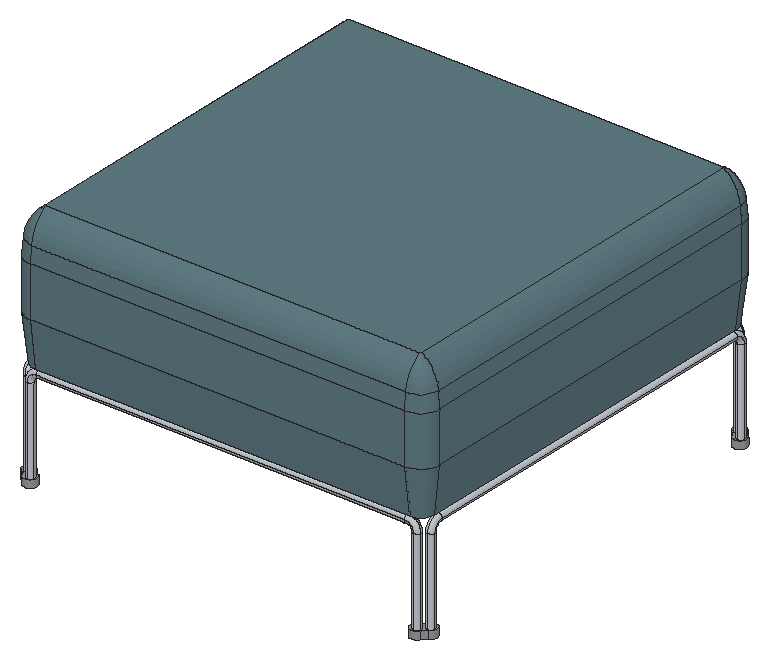
Revit family "FU_Modular_Sandler_Ari 1313", category Furniture, Revit 2020
Family settings
  OmniClass Number = 23.40.20.00
  OmniClass Title = General Furniture and Specialties
  Work Plane-Based = No
  Always vertical = Yes
  Cut with Voids When Loaded = No
  Shared = No
  Room Calculation Point = No
Parameters (values of type "Ari 1313")
  Width = 710 mm
  URL = "https://www.sandlerseating.com/product/ari-1313/"
  Seat [instance] = Fabric - Mainline Flax - Pimlico MLF34
  Model = "Ari 1313"
  Manufacturer = "Sandler"
  Height = 780 mm
  Frame [instance] = Metal - Paint -AL VR - White Aluminium
  Description = "Upholstered indoor element that can be used as a backless sofa seat or a freestanding square ottoman. Part of the Ari indoor modular seating range."
  Depth = 710 mm
  Default Elevation = 0 mm
Reference planes
  plane 1 "Center (Front/Back)": y = 0
  plane 2: z = 0
  plane 3 "Center (Left/Right)": x = 0
  plane 4 "Right": x = -355
  plane 5 "Left": x = 355
  plane 6 "Back": y = 355
  plane 7 "Front": y = -355
  plane 8 "Height": z = 780
  plane 9 "Seat height": z = 420
  plane 10 "Frame Right C TOP": x = -343
  plane 11 "Frame Front C TOP": y = -343
  plane 12 "Frame Left C TOP": x = 343
  plane 13 "Feet Right": z = 12
  plane 14 "Seat base RIGHT": z = 180
  plane 15 "Frame Back AC RIGHT": through (4267.2, 269.976, 182.022) normal (0, -0.9734, 0.2293)
  plane 16 "Frame Back C TOP": y = 343
Forms (mm)
  Sweep 1, solid, material "Metal - Paint -AL VR - White Aluminium" <- "Frame"
    path origin (-343, 0, 0) x (0, 1, 0) y (0, 0, 1)
      loop
        line (-330.138, 12) -> (-330.138, 158.009)
        arc (-330.138, 158.009) -> (-325.598, 168.969) -> (-314.638, 173.509) r 15.5
        line (-314.638, 173.509) -> (314.638, 173.509)
        arc (314.638, 173.509) -> (325.598, 168.969) -> (330.138, 158.009) r 15.5
        line (330.138, 158.009) -> (330.138, 12)
    profile "Pro_Circles : 13mm" origin (-343, -330.138, 85.004) x (0, -1, 0) y (1, 0, 0)
      loop
        arc (6.467, 0.067) -> (4.592, 4.592) -> (0.067, 6.467) r 6.4
        arc (0.067, 6.467) -> (-4.545, 4.64) -> (-6.467, 0.067) r 6.401
        arc (-6.467, 0.067) -> (-4.593, -4.594) -> (0.067, -6.467) r 6.402
        arc (0.067, -6.467) -> (4.64, -4.545) -> (6.467, 0.067) r 6.401
  Sweep 2, solid, material "Metal - Paint -AL VR - White Aluminium" <- "Frame"
    path origin (0, -343, 0) x (1, 0, 0) y (0, 0, 1)
      loop
        line (-329.339, 12) -> (-329.339, 158.849)
        arc (-329.339, 158.849) -> (-324.799, 169.809) -> (-313.839, 174.349) r 15.5
        line (-313.839, 174.349) -> (314.278, 174.349)
        arc (314.278, 174.349) -> (325.238, 169.809) -> (329.778, 158.849) r 15.5
        line (329.778, 158.849) -> (329.778, 12)
    profile "Pro_Circles : 13mm" origin (-329.339, -343, 85.425) x (-1, 0, 0) y (0, -1, 0)
      loop
        arc (-6.467, 0.067) -> (-4.64, -4.545) -> (-0.067, -6.467) r 6.401
        arc (-0.067, -6.467) -> (4.593, -4.594) -> (6.467, 0.067) r 6.402
        arc (6.467, 0.067) -> (4.545, 4.64) -> (-0.067, 6.467) r 6.401
        arc (-0.067, 6.467) -> (-4.592, 4.592) -> (-6.467, 0.067) r 6.4
  Extrusion 3, solid, material "Rubber, Black"
    sketch origin (0, 0, 0) x (1, 0, 0) y (0, 1, 0)
      loop
        arc (-333.052, -325.488) -> (-350.954, -322.632) -> (-347.011, -340.326) r 10.957
        arc (-347.011, -340.326) -> (-342.509, -342.765) -> (-339.599, -346.977) r 11
        arc (-339.599, -346.977) -> (-321.636, -350.853) -> (-325.167, -332.822) r 11
        arc (-325.167, -332.822) -> (-330.068, -330.186) -> (-333.052, -325.488) r 11
    from 0 to 12
  Extrusion 4, solid, material "Rubber, Black"
    sketch origin (0, 0, 0) x (-1, 0, 0) y (0, -1, 0)
      loop
        arc (-333.052, 325.488) -> (-330.068, 330.186) -> (-325.167, 332.822) r 11
        arc (-325.167, 332.822) -> (-321.636, 350.853) -> (-339.599, 346.977) r 11
        arc (-339.599, 346.977) -> (-342.509, 342.765) -> (-347.011, 340.326) r 11
        arc (-347.011, 340.326) -> (-350.954, 322.632) -> (-333.052, 325.488) r 10.957
    from 0 to 12
  Extrusion 5, solid, material "Rubber, Black"
    sketch origin (35.925, 49.845, 0) x (0.993563, 0.113279, 0) y (-0.113279, 0.993563, 0)
      loop
        arc (-334.234, 316.232) -> (-331.25, 320.93) -> (-326.349, 323.567) r 11
        arc (-326.349, 323.567) -> (-322.818, 341.597) -> (-340.781, 337.721) r 11
        arc (-340.781, 337.721) -> (-343.691, 333.509) -> (-348.193, 331.071) r 11
        arc (-348.193, 331.071) -> (-352.136, 313.377) -> (-334.234, 316.232) r 10.957
    from 0 to 12
  Extrusion 6, solid, material "Fabric - Mainline Flax - Pimlico MLF34" <- "Seat"
    sketch origin (0, 0, 180) x (1, 0, 0) y (0, 1, 0)
      loop
        arc (-352.101, -321.5) -> (-342.289, -345.188) -> (-318.601, -355) r 33.5
        line (-318.601, -355) -> (318.566, -355)
        arc (318.566, -355) -> (342.254, -345.188) -> (352.066, -321.5) r 33.5
        line (352.066, -321.5) -> (352.066, 321.5)
        arc (352.066, 321.5) -> (342.254, 345.188) -> (318.566, 355) r 33.5
        line (318.566, 355) -> (-318.601, 355)
        arc (-318.601, 355) -> (-342.289, 345.188) -> (-352.101, 321.5) r 33.5
        line (-352.101, 321.5) -> (-352.101, -321.5)
    from 0 to 240
  Sweep 7, solid, material "Metal - Paint -AL VR - White Aluminium" <- "Frame"
    path origin (343, 0, 0) x (0, 1, 0) y (0, 0, -1)
      loop
        line (-330.138, -12) -> (-330.138, -157.942)
        arc (-330.138, -157.942) -> (-325.598, -168.903) -> (-314.638, -173.442) r 15.5
        line (-314.638, -173.442) -> (314.638, -173.442)
        arc (314.638, -173.442) -> (325.598, -168.903) -> (330.138, -157.942) r 15.5
        line (330.138, -157.942) -> (330.138, -12)
    profile "Pro_Circles : 13mm" origin (343, -330.138, 84.971) x (0, 1, 0) y (-1, 0, 0)
      loop
        arc (-6.467, 0.067) -> (-4.64, -4.545) -> (-0.067, -6.467) r 6.401
        arc (-0.067, -6.467) -> (4.593, -4.594) -> (6.467, 0.067) r 6.402
        arc (6.467, 0.067) -> (4.545, 4.64) -> (-0.067, 6.467) r 6.401
        arc (-0.067, 6.467) -> (-4.592, 4.592) -> (-6.467, 0.067) r 6.4
  Sweep 8, solid, material "Metal - Paint -AL VR - White Aluminium" <- "Frame"
    path origin (0, 343, 0) x (1, 0, 0) y (0, 0, -1)
      loop
        line (-329.339, -12) -> (-329.339, -158.783)
        arc (-329.339, -158.783) -> (-324.799, -169.743) -> (-313.839, -174.283) r 15.5
        line (-313.839, -174.283) -> (314.278, -174.283)
        arc (314.278, -174.283) -> (325.238, -169.743) -> (329.778, -158.783) r 15.5
        line (329.778, -158.783) -> (329.778, -12)
    profile "Pro_Circles : 13mm" origin (-329.339, 343, 85.391) x (1, 0, 0) y (0, 1, 0)
      loop
        arc (6.467, 0.067) -> (4.592, 4.592) -> (0.067, 6.467) r 6.4
        arc (0.067, 6.467) -> (-4.545, 4.64) -> (-6.467, 0.067) r 6.401
        arc (-6.467, 0.067) -> (-4.593, -4.594) -> (0.067, -6.467) r 6.402
        arc (0.067, -6.467) -> (4.64, -4.545) -> (6.467, 0.067) r 6.401
  Extrusion 9, solid, material "Rubber, Black"
    sketch origin (-35.925, 49.845, 0) x (-0.993563, 0.113279, 0) y (-0.113279, -0.993563, 0)
      loop
        arc (-334.234, -316.232) -> (-352.136, -313.377) -> (-348.193, -331.071) r 10.957
        arc (-348.193, -331.071) -> (-343.691, -333.509) -> (-340.781, -337.721) r 11
        arc (-340.781, -337.721) -> (-322.818, -341.597) -> (-326.349, -323.567) r 11
        arc (-326.349, -323.567) -> (-331.25, -320.93) -> (-334.234, -316.232) r 11
    from 0 to 12
  Sweep 10, void
    path in 3D
      loop
        arc (318.566, -355, 420) -> (342.254, -345.188, 420) -> (352.066, -321.5, 420) r 33.5
        line (352.066, -321.5, 420) -> (352.066, 321.5, 420)
        arc (352.066, 321.5, 420) -> (342.254, 345.188, 420) -> (318.566, 355, 420) r 33.5
        line (318.566, 355, 420) -> (-318.601, 355, 420)
        arc (-318.601, 355, 420) -> (-342.289, 345.188, 420) -> (-352.101, 321.5, 420) r 33.5
        line (-352.101, 321.5, 420) -> (-352.101, -321.5, 420)
        arc (-352.101, -321.5, 420) -> (-342.289, -345.188, 420) -> (-318.601, -355, 420) r 33.5
        line (-318.601, -355, 420) -> (318.566, -355, 420)
    profile origin (-0.017, -355, 420) x (0, 1, 0) y (0, 0, 1)
      loop
        arc (2.282, -47.718) -> (11.653, -20.3) -> (32.051, 0.278) r 64.696
        line (32.051, 0.278) -> (32.051, 22.692) -> (-19.62, 22.692) -> (-19.62, -262.427) -> (14.295, -262.427)
        arc (14.295, -262.427) -> (-0.284, -155.552) -> (2.282, -47.718) r 677.536
Cuts and joins
  Sweep 10 cuts Extrusion 6
Lines and regions (mm)
  sketch lines
    curve 1: line (-318.601, -355, 420) -> (318.566, -355, 420)
    curve 2: arc (352.066, -321.5, 420) -> (342.254, -345.188, 420) -> (318.566, -355, 420) r 33.5
    curve 3: line (352.066, -321.5, 420) -> (352.066, 321.5, 420)
    curve 4: arc (318.566, 355, 420) -> (342.254, 345.188, 420) -> (352.066, 321.5, 420) r 33.5
    curve 5: line (318.566, 355, 420) -> (-318.601, 355, 420)
    curve 6: arc (-352.101, 321.5, 420) -> (-342.289, 345.188, 420) -> (-318.601, 355, 420) r 33.5
    curve 7: line (-352.101, 321.5, 420) -> (-352.101, -321.5, 420)
    curve 8: arc (-318.601, -355, 420) -> (-342.289, -345.188, 420) -> (-352.101, -321.5, 420) r 33.5
Dimensions and locks
  equal spacing: plane 4 "Right", plane 3 "Center (Left/Right)", plane 5 "Left"
  "Width": plane 4 "Right" to plane 5 "Left"
  equal spacing: plane 6 "Back", plane 1 "Center (Front/Back)", plane 7 "Front"
  "Depth": plane 6 "Back" to plane 7 "Front"
  "Height": plane 8 "Height" to level
  plane 9 "Seat height" to level = 420 mm
  aligned and locked: level to plane 2
Automatic sketch dimensions
  plane 11 "Frame Front C TOP" to Extrusion 3 sketch curve = 0 mm
  Extrusion 3 sketch curve to plane 4 "Right" = 5.144 mm
  plane 10 "Frame Right C TOP" to Extrusion 3 sketch curve = 0.027 mm
  plane 10 "Frame Right C TOP" to Extrusion 3 sketch curve = 13.661 mm
  plane 10 "Frame Right C TOP" to Extrusion 3 sketch curve = 20.423 mm
  plane 7 "Front" to Extrusion 3 sketch curve = 4.048 mm
  Extrusion 3 sketch curve to plane 11 "Frame Front C TOP" = 12.86 mm
  Extrusion 3 sketch curve to plane 11 "Frame Front C TOP" = 20.869 mm
  Extrusion 3 sketch curve to plane 10 "Frame Right C TOP" = 4.011 mm
  plane 10 "Frame Right C TOP" to Extrusion 3 sketch curve = 3.401 mm
  Extrusion 3 sketch curve to Extrusion 3 sketch curve = 0.004 mm
  plane 10 "Frame Right C TOP" to Extrusion 3 sketch curve = 9.948 mm
  Extrusion 3 sketch curve to Extrusion 3 sketch curve = 7.885 mm
  plane 11 "Frame Front C TOP" to Extrusion 3 sketch curve = 3.975 mm
  plane 11 "Frame Front C TOP" to Extrusion 4 sketch curve = 0 mm
  Extrusion 4 sketch curve to plane 5 "Left" = 5.144 mm
  Extrusion 4 sketch curve to plane 12 "Frame Left C TOP" = 0.027 mm
  Extrusion 4 sketch curve to plane 12 "Frame Left C TOP" = 13.661 mm
  Extrusion 4 sketch curve to plane 12 "Frame Left C TOP" = 20.423 mm
  Extrusion 4 sketch curve to plane 7 "Front" = 4.048 mm
  plane 11 "Frame Front C TOP" to Extrusion 4 sketch curve = 12.86 mm
  plane 11 "Frame Front C TOP" to Extrusion 4 sketch curve = 20.869 mm
  plane 12 "Frame Left C TOP" to Extrusion 4 sketch curve = 4.011 mm
  Extrusion 4 sketch curve to plane 12 "Frame Left C TOP" = 3.401 mm
  Extrusion 4 sketch curve to Extrusion 4 sketch curve = 0.004 mm
  Extrusion 4 sketch curve to plane 12 "Frame Left C TOP" = 9.948 mm
  Extrusion 4 sketch curve to Extrusion 4 sketch curve = 7.885 mm
  Extrusion 4 sketch curve to plane 11 "Frame Front C TOP" = 3.975 mm
  plane 4 "Right" to Extrusion 5 sketch curve = 3.439 mm
  plane 6 "Back" to Extrusion 5 sketch curve = 5.423 mm
  Extrusion 5 sketch curve to Extrusion 5 sketch curve = 6.883 mm
  Extrusion 5 sketch curve to Extrusion 5 sketch curve = 13.634 mm
  Extrusion 5 sketch curve to Extrusion 5 sketch curve = 20.396 mm
  Extrusion 5 sketch curve to Extrusion 5 sketch curve = 7.952 mm
  Extrusion 5 sketch curve to Extrusion 5 sketch curve = 12.86 mm
  Extrusion 5 sketch curve to Extrusion 5 sketch curve = 8.009 mm
  Extrusion 5 sketch curve to Extrusion 5 sketch curve = 4.038 mm
  Extrusion 5 sketch curve to Extrusion 5 sketch curve = 7.411 mm
  Extrusion 5 sketch curve to Extrusion 5 sketch curve = 0.004 mm
  Extrusion 5 sketch curve to Extrusion 5 sketch curve = 9.921 mm
  Extrusion 5 sketch curve to Extrusion 5 sketch curve = 7.885 mm
  Extrusion 5 sketch curve to Extrusion 5 sketch curve = 3.975 mm
  plane 5 "Left" to Extrusion 9 sketch curve = 3.439 mm
  Extrusion 9 sketch curve to plane 6 "Back" = 5.423 mm
  Extrusion 9 sketch curve to Extrusion 9 sketch curve = 6.883 mm
  Extrusion 9 sketch curve to Extrusion 9 sketch curve = 13.634 mm
  Extrusion 9 sketch curve to Extrusion 9 sketch curve = 20.396 mm
  Extrusion 9 sketch curve to Extrusion 9 sketch curve = 7.952 mm
  Extrusion 9 sketch curve to Extrusion 9 sketch curve = 12.86 mm
  Extrusion 9 sketch curve to Extrusion 9 sketch curve = 8.009 mm
  Extrusion 9 sketch curve to Extrusion 9 sketch curve = 4.038 mm
  Extrusion 9 sketch curve to Extrusion 9 sketch curve = 7.411 mm
  Extrusion 9 sketch curve to Extrusion 9 sketch curve = 0.004 mm
  Extrusion 9 sketch curve to Extrusion 9 sketch curve = 9.921 mm
  Extrusion 9 sketch curve to Extrusion 9 sketch curve = 7.885 mm
  Extrusion 9 sketch curve to Extrusion 9 sketch curve = 3.975 mm
  Extrusion 6 sketch curve to plane 7 "Front" = 0 mm
  Extrusion 6 sketch curve to plane 6 "Back" = 0 mm
  Extrusion 6 sketch curve to plane 4 "Right" = 2.899 mm
  plane 10 "Frame Right C TOP" to Extrusion 6 sketch curve = 24.399 mm
  plane 12 "Frame Left C TOP" to Extrusion 6 sketch curve = 24.434 mm
  plane 5 "Left" to Extrusion 6 sketch curve = 2.934 mm
  Extrusion 6 sketch curve to plane 16 "Frame Back C TOP" = 21.5 mm  (x2)
  Sweep 10 sketch curve to profile plane = 14.295 mm
  Sweep 10 sketch curve to profile plane = 32.051 mm
  Sweep 10 sketch curve to Sweep 10 sketch curve = 34.581 mm
  Sweep 10 sketch curve to profile plane = 117.704 mm
  Sweep 10 sketch curve to Sweep 10 sketch curve = 609.562 mm
  Sweep 10 sketch curve to profile plane = 262.427 mm
  Sweep 10 sketch curve to profile plane = 54.401 mm
  profile plane to Sweep 10 sketch curve = 0.278 mm
  profile plane to Sweep 10 sketch curve = 22.692 mm
  profile plane to Sweep 10 sketch curve = 19.62 mm
  Sweep 7 sketch curve to plane 13 "Feet Right" = 0 mm  (x2)
  Sweep 7 sketch curve to plane 11 "Frame Front C TOP" = 12.862 mm
  Sweep 7 sketch curve to Sweep 7 sketch curve = 15.5 mm
  Sweep 7 sketch curve to plane 16 "Frame Back C TOP" = 28.362 mm
  Sweep 7 sketch curve to plane 16 "Frame Back C TOP" = 12.862 mm
  plane 14 "Seat base RIGHT" to Sweep 7 sketch curve = 22.058 mm
  Sweep 1 sketch curve to plane 13 "Feet Right" = 0 mm  (x2)
  Sweep 1 sketch curve to plane 11 "Frame Front C TOP" = 12.862 mm
  Sweep 1 sketch curve to Sweep 1 sketch curve = 15.5 mm
  Sweep 1 sketch curve to plane 16 "Frame Back C TOP" = 28.362 mm
  Sweep 1 sketch curve to plane 16 "Frame Back C TOP" = 12.862 mm
  plane 14 "Seat base RIGHT" to Sweep 1 sketch curve = 21.991 mm
  Sweep 2 sketch curve to plane 13 "Feet Right" = 0 mm  (x2)
  plane 10 "Frame Right C TOP" to Sweep 2 sketch curve = 13.661 mm
  plane 14 "Seat base RIGHT" to Sweep 2 sketch curve = 5.651 mm
  Sweep 2 sketch curve to Sweep 2 sketch curve = 15.5 mm
  plane 12 "Frame Left C TOP" to Sweep 2 sketch curve = 28.722 mm
  plane 12 "Frame Left C TOP" to Sweep 2 sketch curve = 13.222 mm
  Sweep 8 sketch curve to plane 13 "Feet Right" = 0 mm  (x2)
  plane 10 "Frame Right C TOP" to Sweep 8 sketch curve = 13.661 mm
  plane 14 "Seat base RIGHT" to Sweep 8 sketch curve = 5.717 mm
  Sweep 8 sketch curve to Sweep 8 sketch curve = 15.5 mm
  plane 12 "Frame Left C TOP" to Sweep 8 sketch curve = 28.722 mm
  plane 12 "Frame Left C TOP" to Sweep 8 sketch curve = 13.222 mm
